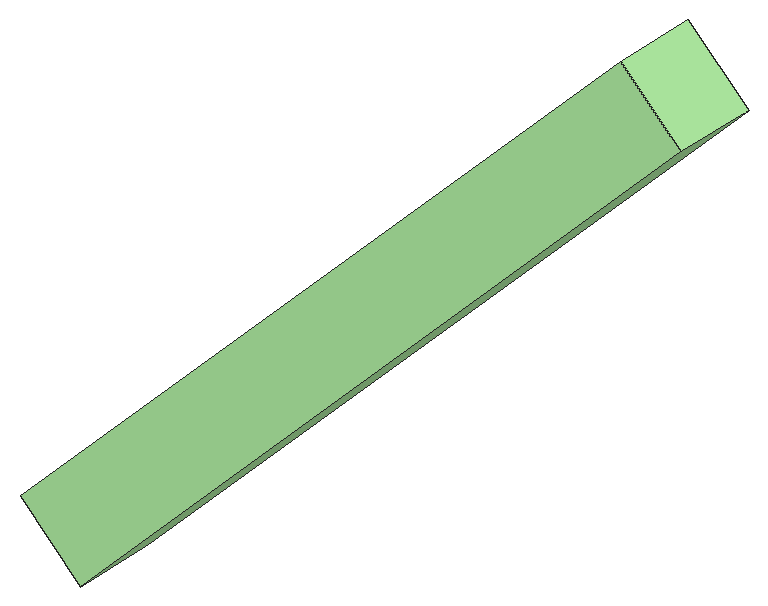
Revit family "ダクトサポート_等辺山形鋼 1", category Generic Models, Revit 2020
Family settings
  Can host rebar = No
  Round Connector Dimension = Use Diameter
  Part Type = Normal
  Work Plane-Based = Yes
  Always vertical = No
  Cut with Voids When Loaded = No
  Shared = No
  Room Calculation Point = No
Parameters (values of type "L 100 x 100")
  高さ = 100 mm
  長辺 [instance] = 長さ  # 1000 mm
  長さ [instance] = 1000 mm
  部屋名 = ""
  角度 [instance] = 45.00°
  Default Elevation = 1219.2 mm
  構造マテリアル = E202_ダクトサポート
  幅 = 100 mm
Types (18, lengths in mm): name | 高さ | 幅
  L 120 x 120 | 120 | 120
  L 130 x 130 | 130 | 130
  L 150 x 150 | 150 | 150
  L 175 x 175 | 175 | 175
  L 200 x 200 | 200 | 200
  L 25 x 25 | 25 | 25
  L 250 x 250 | 250 | 250
  L 30 x 30 | 30 | 30
  L 45 x 45 | 45 | 45
  L 50 x 50 | 50 | 50
  L 60 x 60 | 60 | 60
  L 65 x 65 | 65 | 65
  L 70 x 70 | 70 | 70
  L 75 x 75 | 75 | 75
  L 80 x 80 | 80 | 80
  L 90 x 90 | 90 | 90
  L 100 x 100 | 100 | 100
  L 40 x 40 | 40 | 40
Reference planes
  plane 1 "中心(正面/背面)": y = 0
  plane 2: z = 0
  plane 3 "中心(左/右)": x = 0
Lines and regions (mm)
  reference lines
    curve 1: line (0, 0, 0) -> (848.528, 0, 848.528)
    curve 2: line (35.355, 0, -35.355) -> (-35.355, 0, 35.355)
    curve 3: line (742.462, 0, 671.751) -> (671.751, 0, 742.462)
Dimensions and locks
  equal spacing: curve 2, curve 1, curve 2
  "高さ": curve 2 to curve 2
  equal spacing: curve 3, curve 1, curve 3
  "高さ": curve 3 to curve 3
  "長さ": curve 2 to curve 3
  "角度": angle level to curve 1
  angle curve 2 to curve 1 = 90.00°
  angle curve 3 to curve 1 = 90.00°
  aligned and locked: level to plane 2
  aligned and locked: level to curve 1
  aligned and locked: plane 3 "中心(左/右)" to curve 1
  aligned and locked: nested 1 to curve 1
Nested families
  nested 1: "グレーチング_等辺山形鋼" at (-35.355, 0, 35.355) x (0, 1, 0) z (0.7071, 0, -0.7071), 長さ <- "長さ", type "L 25 x 25"
    with 長辺 1000 mm, 長さ 1000 mm, 高さ 100 mm, 幅 100 mm
Definition of nested family "グレーチング_等辺山形鋼"
  Parameters (values of type "L 25 x 25")
    高さ = 25 mm
    長辺 [instance] = 長さ  # 1000 mm
    長さ [instance] = 1000 mm
    部屋名 = ""
    Default Elevation = 1219.2 mm
    構造マテリアル = none
    幅 = 25 mm
  Reference planes
    plane 1 "中心(正面/背面)": y = 0
    plane 2: z = 0
    plane 3 "中心(左/右)": x = 0
    plane 4: z = 12.5
    plane 5: z = 25
  Forms (mm)
    Extrusion 1, solid, material <- "構造マテリアル"
      sketch origin (0, 0, 0) x (1, 0, 0) y (0, 1, 0)
        loop
          line (-12.5, 1000) -> (-12.5, 0) -> (12.5, 0) -> (12.5, 1000) -> (-12.5, 1000)
      from 0 to 25
  Lines and regions (mm)
    reference lines
      curve 1: line (12.5, 1000, 0) -> (-12.5, 1000, 0)
      curve 2: line (12.5, 0, 0) -> (-12.5, 0, 0)
  Dimensions and locks
    "長さ": curve 1 to curve 2
    "幅": Extrusion 1 to Extrusion 1
    equal spacing: Extrusion 1, plane 3 "中心(左/右)", Extrusion 1
    "幅": curve 1 to curve 1
    equal spacing: curve 1, plane 3 "中心(左/右)", curve 1
    "幅": curve 2 to curve 2
    equal spacing: curve 2, plane 3 "中心(左/右)", curve 2
    equal spacing: plane 5, plane 4, level
    "高さ": plane 5 to level
    aligned and locked: level to plane 2
    aligned and locked: Extrusion 1 to curve 2
    aligned and locked: curve 1 to Extrusion 1
    aligned and locked: plane 5 to Extrusion 1
  Automatic sketch dimensions
    Extrusion 1 sketch curve to plane 3 "中心(左/右)" = 12.5 mm
    plane 3 "中心(左/右)" to Extrusion 1 sketch curve = 12.5 mm
    plane 1 "中心(正面/背面)" to Extrusion 1 sketch curve = 0 mm
    Extrusion 1 sketch curve to plane 1 "中心(正面/背面)" = 1000 mm
    plane 1 "中心(正面/背面)" to curve 2 = 0 mm
